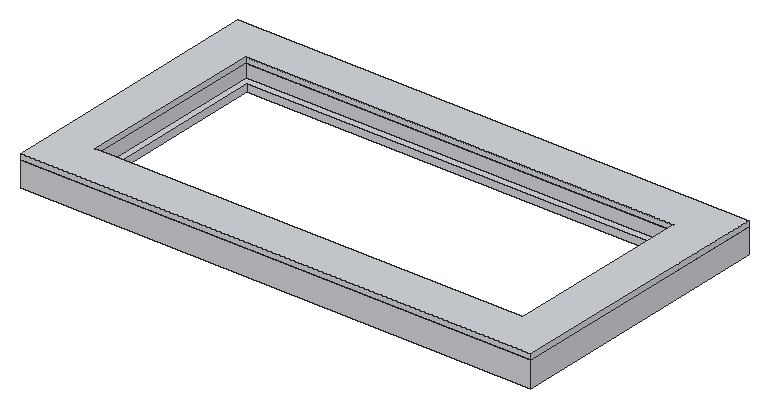
Revit family "Gira_100222", category Electrical Fixtures, host Face, Revit 2017
Family settings
  Host = Face
  Maintain Annotation Orientation = No
  Round Connector Dimension = Use Diameter
  Part Type = Normal
  Cut with Voids When Loaded = No
  Shared = No
  Room Calculation Point = No
Parameters (values of type "Abdeckrahmen 2f o.M. Gira E2 Reinweiß m")
  Werkstoffgüte = "Thermoplast"
  Werkstoff = "Kunststoff"
  URL = "http://katalog.gira.de/de_DE/datenblatt.html?artikelnr=100222"
  Transparent = "No"
  Textfeld/Beschriftungsfläche = "No"
  Schutzart (IP) = "IP20"
  Region = "DE"
  Oberfläche = "sonstige"
  Name = "Abdeckrahmen 2f o.M. Gira E2 Reinweiß m"
  Montagerichtung = "horizontal und vertikal"
  Mit Montagerahmen = "No"
  Mit Klappdeckel = "No"
  Manufacturer URL = "https://www.gira.de/"
  Keynote = "E2_Rahmen_2fach o.Mittelsteg"
  HeinzeBIM = "https://bimportal.heinze.de/bim/abdeckrahmen-2f-o-m-gira-e2-reinweiss-m/e62ba23e712863fb5e0e6255cd9c153e98e60db7"
  Halogenfrei = "Yes"
  HAN = "100222"
  Geeignet für Unterputz-Installation = "Yes"
  Geeignet für Unterflurkanaldose = "No"
  Geeignet für Geräteeinbaukanal = "No"
  Geeignet für Einbauinstallation = "No"
  GTIN = "4010337002222"
  Farbe = "weiß"
  Default Elevation = 1219.2 mm
  Data sheet (1) = "https://katalog.gira.de/de_DE/download.html?artikelnr=100222"
  Category = "Abdeckrahmen"
  Befestigungsart = "Klemmbefestigung"
  Available = "Yes"
  Ausführung der Oberfläche = "matt"
  Anzahl der Einheiten vertikal = "2 "
  Anzahl der Einheiten horizontal = "2 "
  Anzahl der Einheiten = "2 "
Reference planes
  plane 1 "Center (Front/Back)": y = 0
  plane 2: z = 0
  plane 3 "Center (Left/Right)": x = 0
Forms (mm)
  Extrusion 1, solid, detail levels fine
    sketch origin (0, 0, 0) x (1, 0, 0) y (0, 1, 0)
      loop
        line (-75.95, 40.4) -> (-75.95, -40.4) -> (75.95, -40.4) -> (75.95, 40.4) -> (-75.95, 40.4)
      loop
        line (-63.602, -28.052) -> (63.602, -28.052) -> (63.602, 28.052) -> (-63.602, 28.052) -> (-63.602, -28.052)
    from 7.7 to 9.3
  Extrusion 2, solid, detail levels fine
    sketch origin (0, 0, 0) x (1, 0, 0) y (0, 1, 0)
      loop
        line (-75.95, 40.4) -> (-75.95, -40.4) -> (75.95, -40.4) -> (75.95, 40.4) -> (-75.95, 40.4)
      loop
        line (-74.148, -38.598) -> (74.148, -38.598) -> (74.148, 38.598) -> (-74.148, 38.598) -> (-74.148, -38.598)
    from 0 to 7.7
  Extrusion 3, solid, detail levels fine
    sketch origin (0, 0, 0) x (1, 0, 0) y (0, 1, 0)
      loop
        line (-61.45, -25.7) -> (61.451, -25.7) -> (61.451, 25.701) -> (-61.45, 25.701) -> (-61.45, -25.7)
      loop
        line (-63.602, 28.052) -> (-63.602, -28.052) -> (63.602, -28.052) -> (63.602, 28.052) -> (-63.602, 28.052)
    from 1.8 to 3.8
  Extrusion 4, solid, detail levels fine
    sketch origin (0, 0, 0) x (1, 0, 0) y (0, 1, 0)
      loop
        line (-63.602, -28.052) -> (63.602, -28.052) -> (63.602, 28.052) -> (-63.602, 28.052) -> (-63.602, -28.052)
      loop
        spline (65.089, 27.539) -> (65.072, 27.8) -> (65.021, 28.057) -> (64.937, 28.305) -> (64.821, 28.539) -> (64.676, 28.757) -> (64.504, 28.954) -> (64.307, 29.126) -> (64.089, 29.271) -> (63.855, 29.387) -> (63.607, 29.471) -> (63.35, 29.522) -> (63.089, 29.539)
        line (63.089, 29.539) -> (-63.089, 29.539)
        spline (-63.089, 29.539) -> (-63.35, 29.522) -> (-63.607, 29.471) -> (-63.855, 29.387) -> (-64.089, 29.271) -> (-64.307, 29.126) -> (-64.504, 28.954) -> (-64.676, 28.757) -> (-64.821, 28.539) -> (-64.937, 28.305) -> (-65.021, 28.057) -> (-65.072, 27.8) -> (-65.089, 27.539)
        line (-65.089, 27.539) -> (-65.089, -27.539)
        spline (-65.089, -27.539) -> (-65.072, -27.8) -> (-65.021, -28.057) -> (-64.937, -28.305) -> (-64.821, -28.539) -> (-64.676, -28.757) -> (-64.504, -28.954) -> (-64.307, -29.126) -> (-64.089, -29.271) -> (-63.855, -29.387) -> (-63.607, -29.471) -> (-63.35, -29.522) -> (-63.089, -29.539)
        line (-63.089, -29.539) -> (63.089, -29.539)
        spline (63.089, -29.539) -> (63.35, -29.522) -> (63.607, -29.471) -> (63.855, -29.387) -> (64.089, -29.271) -> (64.307, -29.126) -> (64.504, -28.954) -> (64.676, -28.757) -> (64.821, -28.539) -> (64.937, -28.305) -> (65.021, -28.057) -> (65.072, -27.8) -> (65.089, -27.539)
        line (65.089, -27.539) -> (65.089, 27.539)
    from 1.8 to 7.7
  Extrusion 5, solid, detail levels coarse+medium
    sketch origin (0, 0, 0) x (1, 0, 0) y (0, 1, 0)
      loop
        line (-75.95, 40.4) -> (-75.95, -40.4) -> (75.95, -40.4) -> (75.95, 40.4) -> (-75.95, 40.4)
    from 0 to 9.3
Dimensions and locks
  aligned and locked: plane 2 to host face
  aligned and locked: level to host face
